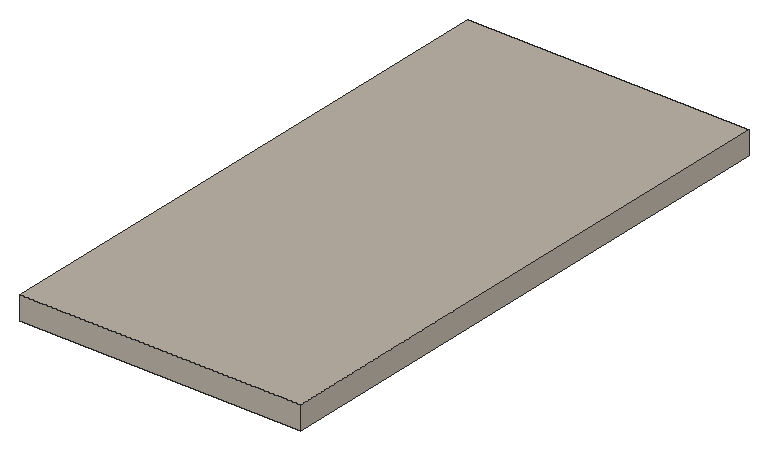
Revit family "Cambio Wall Systems - Acoustic - Felt 18x36", category Generic Models, host Face, Revit 2023
Family settings
  Host = Face
  Can host rebar = No
  Round Connector Dimension = Use Diameter
  Part Type = Normal
  Cut with Voids When Loaded = No
  Maintain Annotation Orientation = No
  Shared = No
  Room Calculation Point = No
Parameters (values of type "Felt Color - TUFF")
  Default Elevation = 4' - 0"
  Cambio Material = Cambio Felt - Tuff
Types (23): name | Cambio Material
  Felt Color - AZURITE | Cambio Felt - Azurite
  Felt Color - SLATE | Cambio Felt - Slate
  Felt Color - SHALE | Cambio Felt - Shale
  Felt Color - QUARTZ | Cambio Felt - Quartz
  Felt Color - PERIDOT | Cambio Felt - Peridot
  Felt Color - OPAL | Cambio Felt - Opal
  Felt Color - ONYX | Cambio Felt - Onyx
  Felt Color - NORITE | Cambio Felt - Norite
  Felt Color - MARL | Cambio Felt - Marl
  Felt Color - MARBLE | Cambio Felt - Marble
  Felt Color - JASPER | Cambio Felt - Jasper
  Felt Color - JADE | Cambio Felt - Jade
  Felt Color - GRANITE | Cambio Felt - Granite
  Felt Color - GNEISS | Cambio Felt - Gneiss
  Felt Color - GABBRO | Cambio Felt - Gabbro
  Felt Color - FLINT | Cambio Felt - Flint
  Felt Color - CITRINE | Cambio Felt - Citrine
  Felt Color - CHALK | Cambio Felt - Chalk
  Felt Color - AGATE | Cambio Felt - Agate
  Felt Color - BASALT | Cambio Felt - Basalt
  Felt Color - SODALITE | Cambio Felt - Sodalite
  Felt Color - TOURMALINE | Cambio Felt - Tourmaline
  Felt Color - TUFF | Cambio Felt - Tuff
Reference planes (in)
  plane 1 "Center (Front/Back)": y = 0
  plane 2: z = 0
  plane 3 "Center (Left/Right)": x = 0
Forms (in)
  Extrusion 1, solid, material "Cambio Felt - Tuff" <- "Cambio Material"
    sketch origin (0, 0, 0) x (1, 0, 0) y (0, 1, 0)
      loop
        line (-9, 18) -> (-9, -18) -> (9, -18) -> (9, 18) -> (-9, 18)
    from 0 to 1.5
Dimensions and locks (in)
  Extrusion 1 sketch curve to plane 3 "Center (Left/Right)" to Extrusion 1 sketch curve = 0' - 9" locked, 0' - 9" locked
  Extrusion 1 sketch curve to plane 1 "Center (Front/Back)" to Extrusion 1 sketch curve = 1' - 6" locked, 1' - 6" locked
  aligned and locked: plane 2 to host face
  aligned and locked: level to host face
